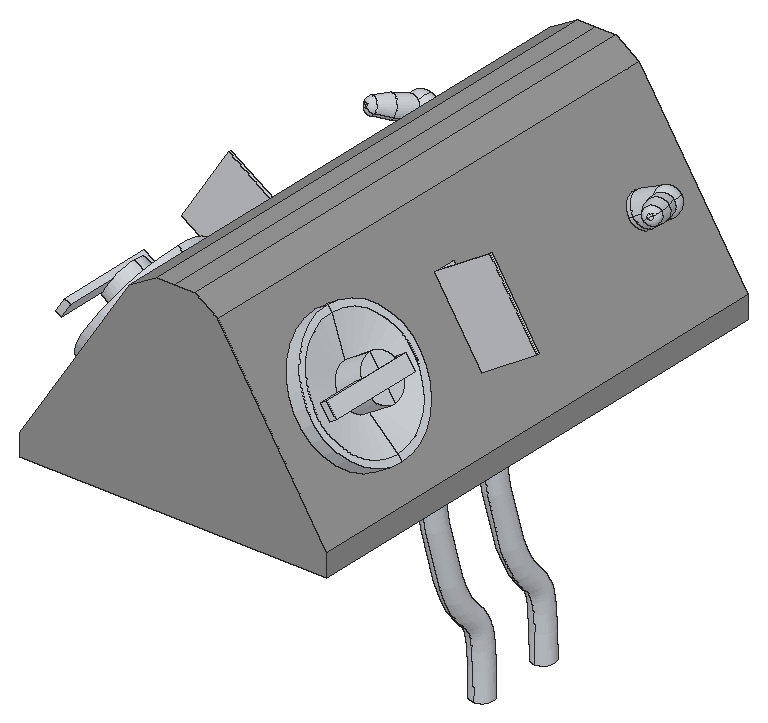
Revit family "Dual_Wall_Shower-Willoughby-CWDS", category Plumbing Fixtures, Revit 2015
Parameters (values of type "Standard")
  Waste Connection = no
  Vent Connection = no
  URL = "https://www.willoughby-ind.com/wp-content/uploads/2018/01/CWDS.pdf"
  Revision = "A"
  Model = "CWDS"
  Manufacturer = "Willoughby Industries"
  HW Connection = yes
  HCW DIA = 1/2"
  Fixture Body = Stainless Steel AISI 304-Willoughby
  Description = "Dual Station Shower"
  Default Elevation = 0' - 0"
  Contact = "(800) 428-4065"
  CW Connection = yes
Reference planes (in)
  plane 1 "Center (Front/Back)": y = 0
  plane 2: z = 0
  plane 3 "Center (Left/Right)": x = 0
  plane 4 "Left Side": x = -7
  plane 5 "Right Side": x = 7
  plane 6 "Shower head HGT": y = 72
  plane 7 "Top Of Unit": y = 77
  plane 8 "Bottom Of Unit": y = 53
  plane 9: z = 9.5
  plane 10: through (-4.25, 0, 4.89711) normal (0.5, 0, 0.866)
  plane 11: y = 57
  plane 12: through (4.25, 0, 4.89711) normal (0.5, 0, -0.866)
  plane 13: y = 63
  plane 14: through (-2, 0, 8.79423) normal (-0.866, 0, 0.5)
Forms (in)
  Extrusion 1, solid, material "Stainless Steel AISI 304-Willoughby" <- "Fixture Body"
    sketch origin (0, 53, 0) x (-1, 0, 0) y (0, 0, 1)
      loop
        line (-7, 0) -> (7, 0) -> (7, 1) -> (2, 8.79423) -> (0.77757, 9.5) -> (0, 9.5) -> (-0.9375, 9.5) -> (-2, 8.79423) -> (-7, 1) -> (-7, 0)
    from 0 to 24
  Sweep 2, solid
    path origin (0, 0, 0) x (0, 1, 0) y (0, 0, 1)
      loop
        spline (66.24397, 4.06332) -> (66.79783, -0.61575) -> (67.3435, -4.19488) -> (67.87276, -6.83413) -> (68.37738, -8.69359) -> (68.84913, -9.93334) -> (69.27978, -10.71345) -> (69.66111, -11.194) -> (69.98487, -11.53506) -> (70.24286, -11.89674) -> (70.42855, -12.45422) -> (70.54041, -13.42679) -> (70.57784, -15.04169)
    profile origin (0, 69.27978, -10.71345) x (0, 0.828914, 0.559375) y (1, 0, 0)
      loop
        circle (0, 0) r 0.5
  Sweep 3, solid
    path origin (0, 3.5, 0) x (0, 1, 0) y (0, 0, 1)
      loop
        spline (66.24397, 4.06332) -> (66.79783, -0.61575) -> (67.3435, -4.19488) -> (67.87276, -6.83413) -> (68.37738, -8.69359) -> (68.84913, -9.93334) -> (69.27978, -10.71345) -> (69.66111, -11.194) -> (69.98487, -11.53506) -> (70.24286, -11.89674) -> (70.42855, -12.45422) -> (70.54041, -13.42679) -> (70.57784, -15.04169)
    profile origin (0, 72.77978, -10.71345) x (0, 0.828914, 0.559375) y (1, 0, 0)
      loop
        circle (0, 0) r 0.5
  Revolve 4, solid
    sketch origin (-4.96295, 4.63672, -1.17333) x (0, 1, 0) y (0.841699, 0, 0.539947)
      loop
        line (69.40772, 11.24267) -> (70.15772, 11.24267) -> (70.15772, 11.49267) -> (70.03272, 12.61767)
        arc (70.03272, 12.61767) -> (69.82377, 12.99711) -> (69.40772, 13.11767) r 0.56596
        line (69.40772, 13.11767) -> (69.40772, 11.24267)
      axis (69.40772, 13.11767) -> (69.40772, 11.24267)
    angle from 0 to 360
  Revolve 5, solid
    sketch origin (-4.96295, 4.63672, -1.17333) x (0, 1, 0) y (0.841699, 0, 0.539947)
      loop
        line (69.15772, 12.61767) -> (67.42567, 13.61767) -> (67.36317, 13.50941)
        arc (67.36317, 13.50941) -> (67.3542, 13.324) -> (67.45468, 13.16791) r 0.30414
        line (67.45468, 13.16791) -> (68.04169, 12.68465) -> (68.90772, 12.18465) -> (69.15772, 12.61767)
      axis (69.15772, 12.61767) -> (67.42567, 13.61767)
    angle from 0 to 360
  Revolve 6, solid
    sketch origin (-6.02124, 57.5, -1.85222) x (-0.539947, 0, 0.841699) y (0.841699, 0, 0.539947)
      loop
        line (0, 12.5) -> (0, 12.656) -> (0, 14.17973) -> (-1.03, 14.17973) -> (-1.03, 12.77773)
        arc (-1.03, 12.77773) -> (-1.93072, 12.96655) -> (-2.8125, 13.23) r 11
        line (-2.8125, 13.23) -> (-3.125, 13.23) -> (-3.125, 12.5) -> (0, 12.5)
      axis (0, 14.17973) -> (0, 12.5)
    angle from 0 to 360
  Extrusion 7, solid
    sketch origin (-6.02124, 4.5, -1.85222) x (0, 1, 0) y (0.841699, 0, 0.539947)
      loop
        line (54.03, 14.17973) -> (54.03, 13.30551) -> (54.25, 13.30551) -> (54.25, 14.49301) -> (49.75, 14.49301) -> (49.75, 14.17973) -> (54.03, 14.17973)
    from -0.375 to 0.375
  Revolve 8, solid
    sketch origin (4.96295, 4.63672, -1.17333) x (0, 1, 0) y (0.841699, 0, -0.539947)
      loop
        line (69.40772, -11.24267) -> (69.40772, -13.11767)
        arc (69.40772, -13.11767) -> (69.82377, -12.99711) -> (70.03272, -12.61767) r 0.56596
        line (70.03272, -12.61767) -> (70.15772, -11.49267) -> (70.15772, -11.24267) -> (69.40772, -11.24267)
      axis (69.40772, -13.11767) -> (69.40772, -11.24267)
    angle from 0 to 360
  Revolve 9, solid
    sketch origin (4.96295, 4.63672, -1.17333) x (0, 1, 0) y (0.841699, 0, -0.539947)
      loop
        line (69.15772, -12.61767) -> (68.90772, -12.18465) -> (68.04169, -12.68465) -> (67.45468, -13.16791)
        arc (67.45468, -13.16791) -> (67.3542, -13.324) -> (67.36317, -13.50941) r 0.30414
        line (67.36317, -13.50941) -> (67.42567, -13.61767) -> (69.15772, -12.61767)
      axis (69.15772, -12.61767) -> (67.42567, -13.61767)
    angle from 0 to 360
  Revolve 10, solid
    sketch origin (6.02124, 57.5, -1.85222) x (0.539947, 0, 0.841699) y (0.841699, 0, -0.539947)
      loop
        line (0, -12.5) -> (-3.125, -12.5) -> (-3.125, -13.23) -> (-2.8125, -13.23)
        arc (-2.8125, -13.23) -> (-1.93072, -12.96655) -> (-1.03, -12.77773) r 11
        line (-1.03, -12.77773) -> (-1.03, -14.17973) -> (0, -14.17973) -> (0, -12.656) -> (0, -12.5)
      axis (0, -14.17973) -> (0, -12.5)
    angle from 0 to 360
  Extrusion 11, solid
    sketch origin (6.02124, 4.5, -1.85222) x (0, 1, 0) y (0.841699, 0, -0.539947)
      loop
        line (54.03, -14.17973) -> (49.75, -14.17973) -> (49.75, -14.49301) -> (54.25, -14.49301) -> (54.25, -13.30551) -> (54.03, -13.30551) -> (54.03, -14.17973)
    from -0.375 to 0.375
  Extrusion 12, solid
    sketch origin (-10.65142, -8.4375, -4.82193) x (0, 1, 0) y (0.841699, 0, 0.539947)
      loop
        line (72, 18) -> (73, 18) -> (73, 18.12) -> (72.12, 18.12) -> (72.12, 21) -> (72, 21) -> (72, 18)
    from -2 to 2
  Extrusion 13, solid
    sketch origin (10.65142, -8.4375, -4.82193) x (0, 1, 0) y (0.841699, 0, -0.539947)
      loop
        line (72, -18) -> (72, -21) -> (72.12, -21) -> (72.12, -18.12) -> (73, -18.12) -> (73, -18) -> (72, -18)
    from -2 to 2
Lines and regions (in)
  symbolic lines
    curve 1: line (-6.5, 77, 0) -> (6.5, 77, 0)
    curve 2: line (6.5, 77, 0) -> (6.5, 53, 0)
    curve 3: line (6.5, 53, 0) -> (-6.5, 53, 0)
    curve 4: line (-6.5, 53, 0) -> (-6.5, 77, 0)
    curve 5: line (-2, 77, 0) -> (-2, 53, 0)
    curve 6: line (-0.77757, 77, 0) -> (-0.77757, 53, 0)
    curve 7: line (0.9375, 77, 0) -> (0.9375, 53, 0)
    curve 8: line (2, 77, 0) -> (2, 53, 0)
    curve 9: line (2, 53, 8.79423) -> (0.9375, 53, 9.5)
    curve 10: line (0.9375, 53, 9.5) -> (-0.77757, 53, 9.5)
    curve 11: line (-0.77757, 53, 9.5) -> (-2, 53, 8.79423)
    curve 12: line (-2, 53, 8.79423) -> (-6.5, 53, 1)
    curve 13: line (-6.5, 53, 1) -> (-6.5, 53, 0)
    curve 14: line (-6.5, 53, 0) -> (6.5, 53, 0)
    curve 15: line (6.5, 53, 0) -> (6.5, 53, 1)
    curve 16: line (6.5, 53, 1) -> (2, 53, 8.79423)
    curve 17: line (-2.66238, 53, 7.64695) -> (-3.40011, 53, 7.40249)
    curve 18: line (-3.40011, 53, 7.40249) -> (-5.86978, 53, 3.1249)
    curve 19: line (-5.86978, 53, 3.1249) -> (-5.68066, 53, 2.41913)
    curve 20: line (5.67617, 53, 2.42692) -> (5.86978, 53, 3.1249)
    curve 21: line (5.86978, 53, 3.1249) -> (3.40011, 53, 7.40249)
    curve 22: line (3.40011, 53, 7.40249) -> (2.69434, 53, 7.5916)
    curve 23: line (5.14758, 53, 4.37578) -> (5.55432, 53, 4.61062)
    curve 24: line (5.55432, 53, 4.61062) -> (4.54169, 53, 6.36456)
    curve 25: line (4.54169, 53, 6.36456) -> (4.13494, 53, 6.12972)
    curve 26: line (4.57514, 53, 4.33396) -> (5.96498, 53, 5.41982)
    curve 27: line (3.9375, 53, 5.43838) -> (5.64877, 53, 6.16477)
    curve 28: arc (5.64877, 53, 6.16477) -> (6.14453, 53, 5.93562) -> (5.96498, 53, 5.41982) r 0.40659
    curve 29: arc (4.82716, 53, 5.87009) -> (5.50022, 53, 5.6434) -> (5.36002, 53, 4.94717) r 0.53712
    curve 30: line (-4.13906, 53, 6.12258) -> (-4.54581, 53, 6.35742)
    curve 31: line (-4.54581, 53, 6.35742) -> (-5.54169, 53, 4.63251)
    curve 32: line (-5.54169, 53, 4.63251) -> (-5.13494, 53, 4.39767)
    curve 33: line (-3.94162, 53, 5.43124) -> (-5.64859, 53, 6.15581)
    curve 34: line (-4.5625, 53, 4.35585) -> (-6.02714, 53, 5.50015)
    curve 35: arc (-6.02714, 53, 5.50015) -> (-6.1279, 53, 5.99543) -> (-5.64859, 53, 6.15581) r 0.38139
    curve 36: arc (-5.13597, 53, 5.93821) -> (-5.55446, 53, 5.63468) -> (-5.5901, 53, 5.11893) r 0.61056
    curve 37: line (0, 77, 0) -> (0, 77, 9.5)
    curve 38: line (0, 77, 9.5) -> (0, 53, 9.5)
    curve 39: line (0, 53, 9.5) -> (0, 53, 0)
    curve 40: line (0, 53, 0) -> (0, 77, 0)
    curve 70: spline (0, 57.92702, 5.17377) -> (0, 57.89544, 5.02577) -> (0, 57.80283, 4.88785) -> (0, 57.65551, 4.76942) -> (0, 57.46351, 4.67855) -> (0, 57.23993, 4.62142) -> (0, 57, 4.60193) -> (0, 56.76007, 4.62142) -> (0, 56.53649, 4.67855) -> (0, 56.34449, 4.76942) -> (0, 56.19717, 4.88785) -> (0, 56.10456, 5.02577) -> (0, 56.07298, 5.17377)
  symbolic lines, detail levels medium+fine
    curve 41: line (0, 77, 1) -> (0, 53, 1)
    curve 42: line (0, 53, 8.79423) -> (0, 77, 8.79423)
    curve 43: line (0, 74.88072, 4.89711) -> (0, 74.77612, 5.49486)
    curve 44: line (0, 74.08613, 5.85587) -> (0, 72.524, 6.15951)
    curve 45: line (0, 73.81072, 4.80989) -> (0, 72.32927, 5.39394)
    curve 46: arc (0, 72.32927, 5.39394) -> (0, 72.01092, 5.88247) -> (0, 72.524, 6.15951) r 0.39632
    curve 47: spline (0, 73.81072, 4.80989) -> (0, 73.8871, 4.80883) -> (0, 73.96767, 4.84349) -> (0, 74.04693, 4.9115) -> (0, 74.11947, 5.00822) -> (0, 74.18035, 5.12707) -> (0, 74.22543, 5.25994) -> (0, 74.25164, 5.39779) -> (0, 74.25717, 5.53121) -> (0, 74.24167, 5.65111) -> (0, 74.20618, 5.74933) -> (0, 74.15313, 5.81917) -> (0, 74.08613, 5.85587)
    curve 48: arc (0, 73.97515, 5.87744) -> (0, 74.47425, 5.89261) -> (0, 74.77612, 5.49486) r 0.54486
    curve 49: spline (0, 74.88072, 4.89711) -> (0, 74.86165, 4.7573) -> (0, 74.80088, 4.62626) -> (0, 74.70255, 4.51292) -> (0, 74.57335, 4.42502) -> (0, 74.4221, 4.36854) -> (0, 74.25911, 4.34734) -> (0, 74.09547, 4.36284) -> (0, 73.94234, 4.41401) -> (0, 73.81016, 4.49735) -> (0, 73.70793, 4.60718) -> (0, 73.64262, 4.73602) -> (0, 73.61869, 4.87509)
    curve 50: arc (0, 74.77612, 5.49486) -> (0, 74.55969, 5.12482) -> (0, 74.13793, 5.048) r 0.5134
  symbolic lines, detail levels fine
    curve 51: line (0, 64.31699, 7.61845) -> (0, 61.75, 7.61845)
    curve 52: line (0, 61.25, 7.11845) -> (0, 61.25, 2.23429)
    curve 53: line (0, 61.77857, 1.98928) -> (0, 64.25, 1.98928)
    curve 54: line (0, 64.75, 2.42229) -> (0, 64.75, 7.18543)
    curve 55: arc (0, 64.75, 7.18543) -> (0, 64.62317, 7.49162) -> (0, 64.31699, 7.61845) r 0.43301
    curve 56: arc (0, 61.75, 7.61845) -> (0, 61.39645, 7.472) -> (0, 61.25, 7.11845) r 0.5
    curve 57: arc (0, 61.25, 2.23429) -> (0, 61.55957, 2.03757) -> (0, 61.92317, 1.98928) r 0.8517
    curve 58: arc (0, 64, 6.53591) -> (0, 63.83943, 6.85569) -> (0, 63.5, 6.96893) r 0.46862
    curve 59: arc (0, 62.5, 6.96893) -> (0, 62.15912, 6.85736) -> (0, 62, 6.53591) r 0.46334
    curve 60: arc (0, 62, 3.07181) -> (0, 62.1627, 2.7545) -> (0, 62.5, 2.6388) r 0.47677
    curve 61: arc (0, 63.5, 2.6388) -> (0, 63.8409, 2.75034) -> (0, 64, 3.07181) r 0.46328
    curve 62: line (0, 64, 3.07181) -> (0, 64, 6.53591)
    curve 63: line (0, 63.5, 6.96893) -> (0, 62.5, 6.96893)
    curve 64: line (0, 62, 6.53591) -> (0, 62, 3.07181)
    curve 65: line (0, 62.5, 2.6388) -> (0, 63.5, 2.6388)
    curve 66: spline (0, 59.98633, 5.00537) -> (0, 59.88457, 4.33682) -> (0, 59.58624, 3.71383) -> (0, 59.11165, 3.17886) -> (0, 58.49316, 2.76836) -> (0, 57.77292, 2.51031) -> (0, 57, 2.42229) -> (0, 56.22708, 2.51031) -> (0, 55.50684, 2.76836) -> (0, 54.88835, 3.17886) -> (0, 54.41376, 3.71383) -> (0, 54.11543, 4.33682) -> (0, 54.01367, 5.00537)
    curve 67: spline (0, 54.01367, 5.00537) -> (0, 54.11543, 5.67674) -> (0, 54.41376, 6.30236) -> (0, 54.88835, 6.83959) -> (0, 55.50684, 7.25183) -> (0, 56.22708, 7.51097) -> (0, 57, 7.59936) -> (0, 57.77292, 7.51097) -> (0, 58.49316, 7.25183) -> (0, 59.11165, 6.83959) -> (0, 59.58624, 6.30236) -> (0, 59.88457, 5.67674) -> (0, 59.98633, 5.00537)
    curve 68: spline (0, 59.46967, 5.2637) -> (0, 59.385, 5.81669) -> (0, 59.13677, 6.332) -> (0, 58.74188, 6.77451) -> (0, 58.22725, 7.11406) -> (0, 57.62796, 7.3275) -> (0, 56.98483, 7.40031) -> (0, 56.34171, 7.3275) -> (0, 55.74242, 7.11406) -> (0, 55.22779, 6.77451) -> (0, 54.8329, 6.332) -> (0, 54.58467, 5.81669) -> (0, 54.5, 5.2637)
    curve 69: spline (0, 54.5, 5.2637) -> (0, 54.58467, 4.71059) -> (0, 54.8329, 4.19517) -> (0, 55.22779, 3.75257) -> (0, 55.74242, 3.41295) -> (0, 56.34171, 3.19946) -> (0, 56.98483, 3.12664) -> (0, 57.62796, 3.19946) -> (0, 58.22725, 3.41295) -> (0, 58.74188, 3.75257) -> (0, 59.13677, 4.19517) -> (0, 59.385, 4.71059) -> (0, 59.46967, 5.2637)
    curve 71: spline (0, 56.07298, 5.17377) -> (0, 56.10581, 5.04908) -> (0, 56.20206, 4.93289) -> (0, 56.35518, 4.83312) -> (0, 56.55473, 4.75656) -> (0, 56.78711, 4.70843) -> (0, 57.03649, 4.69202) -> (0, 57.28586, 4.70843) -> (0, 57.51824, 4.75656) -> (0, 57.71779, 4.83312) -> (0, 57.87091, 4.93289) -> (0, 57.96717, 5.04908) -> (0, 58, 5.17377)
    curve 72: spline (0, 58, 5.17377) -> (0, 57.96593, 4.97966) -> (0, 57.86603, 4.79877) -> (0, 57.70711, 4.64344) -> (0, 57.5, 4.52425) -> (0, 57.25882, 4.44933) -> (0, 57, 4.42377) -> (0, 56.74118, 4.44933) -> (0, 56.5, 4.52425) -> (0, 56.29289, 4.64344) -> (0, 56.13397, 4.79877) -> (0, 56.03407, 4.97966) -> (0, 56, 5.17377)
    curve 73: spline (0, 57.89351, 5.85679) -> (0, 57.86306, 5.98619) -> (0, 57.77379, 6.10679) -> (0, 57.63179, 6.21034) -> (0, 57.44672, 6.2898) -> (0, 57.23121, 6.33975) -> (0, 56.99994, 6.35679) -> (0, 56.76867, 6.33975) -> (0, 56.55316, 6.2898) -> (0, 56.36809, 6.21034) -> (0, 56.22609, 6.10679) -> (0, 56.13682, 5.98619) -> (0, 56.10637, 5.85679)
    curve 74: line (0, 58.25, 5.17377) -> (0, 58.25, 5.85679)
    curve 75: line (0, 58.25, 5.85679) -> (0, 54.5, 5.85679)
    curve 76: line (0, 54.5, 5.85679) -> (0, 54.5, 5.17377)
    curve 77: line (0, 54.5, 5.17377) -> (0, 58.25, 5.17377)
    curve 78: line (0, 58.25, 5.42377) -> (0, 54.5, 5.42377)
    curve 79: arc (0, 64.75, 2.42229) -> (0, 64.58072, 2.11258) -> (0, 64.25, 1.98928) r 0.50518
  model lines
    curve 80: line (0, 53, 9.5) -> (-2.48711, 53, 11.17758)
Dimensions and locks (in)
  locked: plane 6 "Shower head HGT" to plane 1 "Center (Front/Back)" at 72
  aligned and locked: plane 4 "Left Side" to Extrusion 1 sketch curve
  aligned and locked: level to Extrusion 1 sketch curve
  aligned and locked: Extrusion 1 to plane 8 "Bottom Of Unit"
  aligned and locked: plane 7 "Top Of Unit" to Extrusion 1
  aligned and locked: Revolve 4 sketch curve to Revolve 4 sketch curve
  aligned and locked: Revolve 5 sketch curve to Revolve 5 sketch curve  (x2)
  aligned and locked: Revolve 6 sketch curve to Revolve 6 sketch curve  (x2)
  aligned and locked: Revolve 8 sketch curve to Revolve 8 sketch curve
  aligned and locked: Revolve 9 sketch curve to Revolve 9 sketch curve  (x2)
  aligned and locked: Revolve 10 sketch curve to Revolve 10 sketch curve  (x2)
Connectors (in)
  piping at (0, 70.57784, -15.04169), diameter 0.5, driven by "CW Connection", driven by "HCW DIA"
    settings: on Sweep 2, index 1, connector inside diameter 24", connector length 0' - 0", flow factor 0, pipe flow 0 GPM, pressure drop 0.00 psi, fitting loss kfactor 0, connector angle 0.00°, fixture units 0, engagement length 0' - 0", angle of deflection 0.00°, flow configuration 0, flow direction 1, fitting loss method 0, system type 20, joint type 0, gender type 0, connector reference index -1, connector utility 1, adjustable connector no, is connector primary yes, connector description "CW Inlet"
  piping at (0, 74.07784, -15.04169), diameter 0.5, driven by "HW Connection", driven by "HCW DIA"
    settings: on Sweep 3, index 2, connector inside diameter 24", connector length 0' - 0", flow factor 0, pipe flow 0 GPM, pressure drop 0.00 psi, fitting loss kfactor 0, connector angle 0.00°, fixture units 0, engagement length 0' - 0", angle of deflection 0.00°, flow configuration 0, flow direction 1, fitting loss method 0, system type 19, joint type 0, gender type 0, connector reference index -1, connector utility 1, adjustable connector no, is connector primary no, connector description "HW Inlet"
